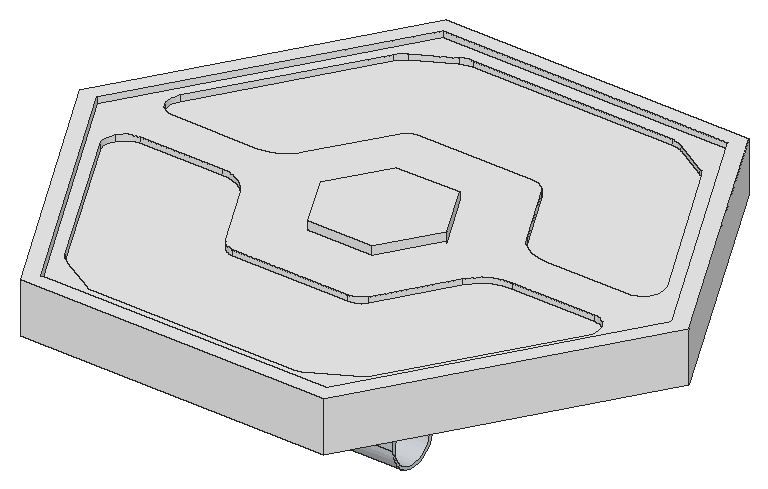
Revit family "Lighting-Industriale-GEWISS-ESALITE-HB-APPARECCHI-LED_24K_DALI", category Apparecchi per illuminazione, host Superficie, Revit 2019
Family settings
  Host = Superficie
  Quota connettore circolare = Usa diametro
  Tipo di parte = Normale
  Taglio con vuoti quando caricato = No
  Sorgente d'illuminazione = No
  Condiviso = No
  Punto di calcolo locali = Sì
Parameters (values of type "GWS6355GD57K - ESALITE 24K ELL.5700K PLAF+V.GR.DALI")
  Versioni = "Luce fredda 5700K"
  Versione file RFA = "20.11"
  VISIBILITA' SIMBOLO [instance] = yes
  VISIBILITA' LAMPADA PIANTA [instance] = not(VISIBILITA' SIMBOLO)  # no
  VISIBILITA' ETICHETTA [instance] = yes
  V = 0 V
  URL = "https://www.gewiss.com/it/it"
  Tipo alimentatore = "Driver Led Dali"
  Tensione = "220/240 V - 50/60 Hz"
  Temperatura di utilizzo = "-30 +50 °C"
  Temperatura di colore: = "5700 K (CRI>80)"
  Spostamento_y_effettivo_ET [instance] = 4000 mm - Spostamento_y_ET  # 2000 mm
  Spostamento_y_ET [instance] = 2000 mm
  Spostamento_X_effettivo_ET [instance] = 4000 mm - Spostamento_X_ET  # 3800 mm
  Spostamento_X_ET [instance] = 200 mm
  Schermo = "Vetro temprato"
  Scheda Tecnica = "https://www.gewiss.com/it/it/search?q=GWS6355GD57K"
  SEO = "High bay"
  Resistenza alle sovratensioni : = "8KV in modalità comune; 6KV in modalità differenziale"
  Resistenza agli urti = "IK08"
  Prospetto di default = 1200 mm
  Produttore = "GEWISS S.p.A."
  Potenza di sitema = "Wxxx"
  Potenza di sistema = "210W"
  Peso (kg): = "11,2"
  Ottica = "Ellittica"
  Numero poli = 1
  Modello = "GWS6355GD57K"
  Lumen output (lm) = "22200"
  Life time L90B10 (Tq 50Â°C) = "44000H"
  Life time L90B10 (Tq 25Â°C) = "100000H"
  Lampada: = "LED - Non sostituibile"
  Immagine tipo = ESALITE_HB.jpg
  IDT = "f0f76afb655d49ff8b6d77a2e4b77edd"
  IDF = "bc1794be-6ec3-4043-9237-ad7f4d5a678e"
  Grado di protezione = "IP66"
  Garanzia = "5 anni"
  Flusso nominale (lm) = "29000"
  Descrizione = "ESALITE 24K ELL.5700K PLAF+V.GR.DALI"
  Creato da GEWISS S.p.A. = ""
  Corrente di pilotaggio. = "0,9A"
  Colore = "Grigio RAL 9006"
  Codice Electrocod = "2444"
  Classe isolamento = "I"
  Classe di efficienza LED integrati = "A ÷ A++"
  Catalogo Serie = "ESALITE HB - 24K"
  Catalogo = "LIGHTING"
  COBie.Tagnumber = ""
  COBie.CreatedOn = ""
  COBie.CreatebBy = ""
  COBie.ComponentRegisterItemID = ""
  COBie.Component.TagNumber = ""
  COBie.Component.Space = ""
  COBie.Component.SerialNumber = ""
  COBie.Component.InstallationDate = ""
  COBie.Component.Description = ""
  COBie.Component.BarCode = ""
  Applicazione = "Interno / Esterno"
Types (25, lengths in mm): name | Versioni | Temperatura di colore: | Schermo | Scheda Tecnica | Resistenza agli urti | Ottica | Modello | Lumen output (lm) | IDT | Grado di protezione | Flusso nominale (lm) | Descrizione | Applicazione
  (no name) | "Luce fredda 5700K" | "5700 K (CRI>80)" | "Vetro temprato" | "https://www.gewiss.com/it/it/search?q=GWS6355GD57K" | "IK08" | "Ellittica" | "GWS6355GD57K" | "22200" | "f0f76afb655d49ff8b6d77a2e4b77edd" | "IP66" | "29000" | "ESALITE 24K ELL.5700K PLAF+V.GR.DALI" | "Interno / Esterno"
  GWS6052GD - ESALITE 24K 30° 4000K PLAF.GR.DALI | "Luce naturale 4000K" | "4000 K (CRI>80)" | "Plastico" | "https://www.gewiss.com/it/it/search?q=GWS6052GD" | "IK06" | "30°" | "GWS6052GD" | "23600" | "7a529c6a4aff455e898e82f17e4db8f0" | "IP65" | "29000" | "ESALITE 24K 30° 4000K PLAF.GR.DALI" | "Interno"
  GWS6052GD30K - ESALITE 24K 30° 3000K PLAF.GR.DALI | "Luce calda 3000K" | "3000 K (CRI>80)" | "Plastico" | "https://www.gewiss.com/it/it/search?q=GWS6052GD30K" | "IK06" | "30°" | "GWS6052GD30K" | "21900" | "d4ebf1f3d9fe48179ddd5535c7b9acd2" | "IP65" | "27000" | "ESALITE 24K 30° 3000K PLAF.GR.DALI" | "Interno"
  GWS6052GD57K - ESALITE 24K 30° 5700K PLAF.GR.DALI | "Luce fredda 5700K" | "5700 K (CRI>80)" | "Plastico" | "https://www.gewiss.com/it/it/search?q=GWS6052GD57K" | "IK06" | "30°" | "GWS6052GD57K" | "23600" | "988cbc6da2f94784838340eaeba77c4c" | "IP65" | "29000" | "ESALITE 24K 30° 5700K PLAF.GR.DALI" | "Interno"
  GWS6053GD - ESALITE 24K 60° 4000K PLAF.GR.DALI | "Luce naturale 4000K" | "4000 K (CRI>80)" | "Plastico" | "https://www.gewiss.com/it/it/search?q=GWS6053GD" | "IK06" | "60°" | "GWS6053GD" | "24100" | "5bd9f83446b24d2cb9b4f137cdb066db" | "IP65" | "29000" | "ESALITE 24K 60° 4000K PLAF.GR.DALI" | "Interno"
  GWS6053GD30K - ESALITE 24K 60° 3000K PLAF.GR.DALI | "Luce calda 3000K" | "3000 K (CRI>80)" | "Plastico" | "https://www.gewiss.com/it/it/search?q=GWS6053GD30K" | "IK06" | "60°" | "GWS6053GD30K" | "22400" | "dea463b2350f4775a34d1bbf71191fdc" | "IP65" | "27000" | "ESALITE 24K 60° 3000K PLAF.GR.DALI" | "Interno"
  GWS6053GD57K - ESALITE 24K 60° 5700K PLAF.GR.DALI | "Luce fredda 5700K" | "5700 K (CRI>80)" | "Plastico" | "https://www.gewiss.com/it/it/search?q=GWS6053GD57K" | "IK06" | "60°" | "GWS6053GD57K" | "24100" | "ccda541c118a402dafb75b9b97384d49" | "IP65" | "29000" | "ESALITE 24K 60° 5700K PLAF.GR.DALI" | "Interno"
  GWS6054GD - ESALITE 24K 90° 4000K PLAF.GR.DALI | "Luce naturale 4000K" | "4000 K (CRI>80)" | "Plastico" | "https://www.gewiss.com/it/it/search?q=GWS6054GD" | "IK06" | "90°" | "GWS6054GD" | "25600" | "b5011d9e54c7465a944745bc54fa6949" | "IP65" | "29000" | "ESALITE 24K 90° 4000K PLAF.GR.DALI" | "Interno"
  GWS6054GD30K - ESALITE 24K 90° 3000K PLAF.GR.DALI | "Luce calda 3000K" | "3000 K (CRI>80)" | "Plastico" | "https://www.gewiss.com/it/it/search?q=GWS6054GD30K" | "IK06" | "90°" | "GWS6054GD30K" | "23800" | "8993c58c61bf4daeb0c1e66ccf0ec204" | "IP65" | "27000" | "ESALITE 24K 90° 3000K PLAF.GR.DALI" | "Interno"
  GWS6054GD57K - ESALITE 24K 90° 5700K PLAF.GR.DALI | "Luce fredda 5700K" | "5700 K (CRI>80)" | "Plastico" | "https://www.gewiss.com/it/it/search?q=GWS6054GD57K" | "IK06" | "90°" | "GWS6054GD57K" | "25600" | "aac461747f3849b89be83953807347f4" | "IP65" | "29000" | "ESALITE 24K 90° 5700K PLAF.GR.DALI" | "Interno"
  GWS6055GD - ESALITE 24K ELL.4000K PLAF.GR.DALI | "Luce naturale 4000K" | "4000 K (CRI>80)" | "Plastico" | "https://www.gewiss.com/it/it/search?q=GWS6055GD" | "IK06" | "Ellittica" | "GWS6055GD" | "24100" | "c2cbb117dbe54767a2e3a3479ddb1d8b" | "IP65" | "29000" | "ESALITE 24K ELL.4000K PLAF.GR.DALI" | "Interno"
  GWS6055GD30K - ESALITE 24K ELL.3000K PLAF.GR.DALI | "Luce calda 3000K" | "3000 K (CRI>80)" | "Plastico" | "https://www.gewiss.com/it/it/search?q=GWS6055GD30K" | "IK06" | "Ellittica" | "GWS6055GD30K" | "22400" | "0d6c2d08d2314372a773691ec730c18d" | "IP65" | "27000" | "ESALITE 24K ELL.3000K PLAF.GR.DALI" | "Interno"
  GWS6055GD57K - ESALITE 24K ELL.5700K PLAF.GR.DALI | "Luce fredda 5700K" | "5700 K (CRI>80)" | "Plastico" | "https://www.gewiss.com/it/it/search?q=GWS6055GD57K" | "IK06" | "Ellittica" | "GWS6055GD57K" | "24100" | "1d3e300ed72b49d2b0c9c3fe6a3a3183" | "IP65" | "29000" | "ESALITE 24K ELL.5700K PLAF.GR.DALI" | "Interno"
  GWS6352GD - ESALITE 24K 30° 4000K PLAF+V.GR.DALI | "Luce naturale 4000K" | "4000 K (CRI>80)" | "Vetro temprato" | "https://www.gewiss.com/it/it/search?q=GWS6352GD" | "IK08" | "30°" | "GWS6352GD" | "21700" | "dc98eba4d6034e879b26eaf069b8883e" | "IP66" | "29000" | "ESALITE 24K 30° 4000K PLAF+V.GR.DALI" | "Interno / Esterno"
  GWS6352GD30K - ESALITE 24K 30° 3000K PLAF+V.GR.DALI | "Luce calda 3000K" | "3000 K (CRI>80)" | "Vetro temprato" | "https://www.gewiss.com/it/it/search?q=GWS6352GD30K" | "IK08" | "30°" | "GWS6352GD30K" | "20200" | "6c4655eb98dd4145bfde5ca2a8d1e3f8" | "IP66" | "27000" | "ESALITE 24K 30° 3000K PLAF+V.GR.DALI" | "Interno / Esterno"
  GWS6352GD57K - ESALITE 24K 30° 5700K PLAF+V.GR.DALI | "Luce fredda 5700K" | "5700 K (CRI>80)" | "Vetro temprato" | "https://www.gewiss.com/it/it/search?q=GWS6352GD57K" | "IK08" | "30°" | "GWS6352GD57K" | "21700" | "a6b2e109af554cf3afd91e6397fe3076" | "IP66" | "29000" | "ESALITE 24K 30° 5700K PLAF+V.GR.DALI" | "Interno / Esterno"
  GWS6353GD - ESALITE 24K 60° 4000K PLAF+V.GR.DALI | "Luce naturale 4000K" | "4000 K (CRI>80)" | "Vetro temprato" | "https://www.gewiss.com/it/it/search?q=GWS6353GD" | "IK08" | "60°" | "GWS6353GD" | "22200" | "5ced56ef3ad443188505a0500c17be60" | "IP66" | "29000" | "ESALITE 24K 60° 4000K PLAF+V.GR.DALI" | "Interno / Esterno"
  GWS6353GD30K - ESALITE 24K 60° 3000K PLAF+V.GR.DALI | "Luce calda 3000K" | "3000 K (CRI>80)" | "Vetro temprato" | "https://www.gewiss.com/it/it/search?q=GWS6353GD30K" | "IK08" | "60°" | "GWS6353GD30K" | "20600" | "ac530e89efbb4424a6a6cfde89b676b9" | "IP66" | "27000" | "ESALITE 24K 60° 3000K PLAF+V.GR.DALI" | "Interno / Esterno"
  GWS6353GD57K - ESALITE 24K 60° 5700K PLAF+V.GR.DALI | "Luce fredda 5700K" | "5700 K (CRI>80)" | "Vetro temprato" | "https://www.gewiss.com/it/it/search?q=GWS6353GD57K" | "IK08" | "60°" | "GWS6353GD57K" | "22200" | "8d1e01f05566424f83bf0f6a4fa693fa" | "IP66" | "29000" | "ESALITE 24K 60° 5700K PLAF+V.GR.DALI" | "Interno / Esterno"
  GWS6354GD - ESALITE 24K 90° 4000K PLAF+V.GR.DALI | "Luce naturale 4000K" | "4000 K (CRI>80)" | "Vetro temprato" | "https://www.gewiss.com/it/it/search?q=GWS6354GD" | "IK08" | "90°" | "GWS6354GD" | "23600" | "ccf18fba6ae74926ac10c1070d8e3b60" | "IP66" | "29000" | "ESALITE 24K 90° 4000K PLAF+V.GR.DALI" | "Interno / Esterno"
  GWS6354GD30K - ESALITE 24K 90° 3000K PLAF+V.GR.DALI | "Luce calda 3000K" | "3000 K (CRI>80)" | "Vetro temprato" | "https://www.gewiss.com/it/it/search?q=GWS6354GD30K" | "IK08" | "90°" | "GWS6354GD30K" | "21900" | "d5189869ec1742c3a465af752ac5306a" | "IP66" | "27000" | "ESALITE 24K 90° 3000K PLAF+V.GR.DALI" | "Interno / Esterno"
  GWS6354GD57K - ESALITE 24K 90° 5700K PLAF+V.GR.DALI | "Luce fredda 5700K" | "5700 K (CRI>80)" | "Vetro temprato" | "https://www.gewiss.com/it/it/search?q=GWS6354GD57K" | "IK08" | "90°" | "GWS6354GD57K" | "23600" | "de51f4aed0be4ed38c81c5697c8fd02a" | "IP66" | "29000" | "ESALITE 24K 90° 5700K PLAF+V.GR.DALI" | "Interno / Esterno"
  GWS6355GD - ESALITE 24K ELL.4000K PLAF+V.GR.DALI | "Luce naturale 4000K" | "4000 K (CRI>80)" | "Vetro temprato" | "https://www.gewiss.com/it/it/search?q=GWS6355GD" | "IK08" | "Ellittica" | "GWS6355GD" | "22200" | "15f081436d7041e3beec56ff2ff105a1" | "IP66" | "29000" | "ESALITE 24K ELL.4000K PLAF+V.GR.DALI" | "Interno / Esterno"
  GWS6355GD30K - ESALITE 24K ELL.3000K PLAF+V.GR.DALI | "Luce calda 3000K" | "3000 K (CRI>80)" | "Vetro temprato" | "https://www.gewiss.com/it/it/search?q=GWS6355GD30K" | "IK08" | "Ellittica" | "GWS6355GD30K" | "20600" | "f0e388d9d5df4f198b10569113670eb8" | "IP66" | "27000" | "ESALITE 24K ELL.3000K PLAF+V.GR.DALI" | "Interno / Esterno"
  GWS6355GD57K - ESALITE 24K ELL.5700K PLAF+V.GR.DALI | "Luce fredda 5700K" | "5700 K (CRI>80)" | "Vetro temprato" | "https://www.gewiss.com/it/it/search?q=GWS6355GD57K" | "IK08" | "Ellittica" | "GWS6355GD57K" | "22200" | "f0f76afb655d49ff8b6d77a2e4b77edd" | "IP66" | "29000" | "ESALITE 24K ELL.5700K PLAF+V.GR.DALI" | "Interno / Esterno"
Reference planes
  plane 1 "Centro (Fronte/Retro)": y = 0
  plane 2: z = 0
  plane 3 "Centro (Sinistra/Destra)": x = 0
  plane 4: z = 185
  plane 5: x = -50.612
  plane 6: x = -3850.612
  plane 7: y = -2119.2
  plane 8: y = -119.2
  plane 9: through (-1779.2, -702.001, 1219.2) normal (0.4695, 0.8829, 0)
  plane 10: through (203.705, -1575.119, 1219.2) normal (-0.866, 0.5, 0)
  plane 11: x = -217.137
  plane 12: x = 217.137
  plane 13: y = 188.046
  plane 14: y = -188.046
Text (mm)
  text "B-A=C" at (-2005.323, -1167.131, 0), in view "Livello rif."
  text "D+A-C=B" at (1746.792, 582.509, 0), in view "Livello rif."
Dimensions and locks
  "Spostamento_X_effettivo_ET": plane 6 to plane 5
  plane 6 to plane 3 "Centro (Sinistra/Destra)" = 3850.612 mm
  "Spostamento_y_effettivo_ET": plane 8 to plane 7
  plane 1 "Centro (Fronte/Retro)" to plane 7 = 2119.2 mm
  plane 11 to plane 12 = 434.273 mm
  plane 13 to plane 14 = 376.092 mm
  angle plane 9 to plane 7 = 28.00°
  angle plane 7 to plane 6 = 90.00°
  aligned and locked: plane 2 to host face
  aligned and locked: level to host face
  aligned and locked: plane 5 to nested 1
  aligned and locked: nested 1 to plane 8
  aligned and locked: plane 3 "Centro (Sinistra/Destra)" to nested 3
  aligned and locked: plane 1 "Centro (Fronte/Retro)" to nested 3
Automatic sketch dimensions
  host sketch curve to host sketch curve = 2438.4 mm  (x2)
Nested families
  nested 1: "etichetta Potenza Lampada" at (-50.612, -119.2, 0), visible <- "VISIBILITA' ETICHETTA", type "etichetta Potenza Lampada"
  nested 2: "ESALITE HB 24K SOSPENSIONE_base" at (0, 0, 0), type "Tipo 1"
  nested 3: "Simbolo HB" at (0, 0, 0), visible <- "VISIBILITA' SIMBOLO", type "esalight hb simb"
  nested 4: "Frontale HB 24" at (0.038, -241.364, 0) x (1, 0.0002, 0) z (0, 0, 1), visible <- "VISIBILITA' LAMPADA PIANTA", type "Frontale HB 24"
  nested 5: "Laterale corta - HB 24" at (0, 0, 0) x (1, 0, 0) z (0, -1, 0), visible <- "VISIBILITA' LAMPADA PIANTA", type "Laterale corta - HB 24"
  nested 6: "Laterale lungo - HB 24" at (0, 0, 0) x (0, 1, 0) z (1, 0, 0), visible <- "VISIBILITA' LAMPADA PIANTA", type "Laterale lungo - HB 24"
Definition of nested family "ESALITE HB 24K SOSPENSIONE_base"
  Parameters (values of type "Tipo 1")
    V = 0 V
    Schermatura interna = none
    Numero poli = 1
    LED = none
    Corpo luce = none
  Reference planes
    plane 1 "Centro (Fronte/Retro)": y = 0
    plane 2: z = 0
    plane 3 "Centro (Sinistra/Destra)": x = 0
    plane 4: x = -145.163
    plane 5: x = 145.28
    plane 6: y = 126.226
    plane 7: y = -125.856
    plane 8: y = 55.469
    plane 9: y = -55.099
    plane 10: x = -63.671
    plane 11: x = 63.788
    plane 12: y = -123.856
    plane 13: y = 124.226
    plane 14: y = -112.535
    plane 15: y = 112.905
    plane 16: y = -22
    plane 17: y = 22
    plane 18: y = -108.017
    plane 19: y = 108.387
    plane 20: through (-28.293, 49.29, 1200) normal (0.866, -0.5, 0)
    plane 21: y = 49.29
    plane 22: through (28.409, 49.29, 1200) normal (0.866, 0.5, 0)
    plane 23: through (28.409, -48.92, 1200) normal (-0.866, 0.5, 0)
    plane 24: y = -48.92
    plane 25: through (-56.644, 0.185, 1200) normal (0.866, 0.5, 0)
    plane 26: through (-31.86, 55.469, 1200) normal (0.866, -0.5, 0)
    plane 27: through (-63.778, 0.185, 1200) normal (0.866, 0.5, 0)
    plane 28: y = -55.099
    plane 29: through (63.894, 0.185, 1200) normal (0.866, -0.5, 0)
    plane 30: through (63.894, 0.185, 1200) normal (-0.866, -0.5, 0)
    plane 31: y = 55.469
    plane 32: z = 123.439
    plane 33: through (-65.51, 1.185, 1200) normal (-0.866, 0.5, 0)
    plane 34: through (-33.592, -56.099, 1200) normal (-0.866, -0.5, 0)
    plane 35: through (-65.51, 1.185, 1200) normal (-0.866, 0.5, 0)
    plane 36: y = 57.469
    plane 37: through (33.708, 56.469, 1200) normal (0.866, 0.5, 0)
    plane 38: through (65.626, -0.815, 1200) normal (0.866, -0.5, 0)
    plane 39: y = -57.099
    plane 40: y = -1
    plane 41: y = 1
    plane 42: x = -1
    plane 43: x = 0
    plane 44: y = 105.387
    plane 45: y = -105.017
    plane 46: z = 130
    plane 47: y = -103.017
    plane 48: y = 103.387
    plane 49: x = 1
    plane 50: through (-108.857, 187.546, 1200) normal (0.866, -0.5, 0)
    plane 51: y = 188.046
    plane 52: y = 174.478
    plane 53: through (-101.456, 173.228, 1200) normal (0.866, -0.5, 0)
    plane 54: through (-216.848, -0.5, 1200) normal (0.866, 0.5, 0)
    plane 55: through (-200.748, -1.25, 1200) normal (0.866, 0.5, 0)
    plane 56: y = -188.046
    plane 57: y = -174.478
    plane 58: y = 188.046
    plane 59: y = 174.478
    plane 60: through (200.748, 1.25, 1200) normal (-0.866, -0.5, 0)
    plane 61: through (216.848, 0.5, 1200) normal (-0.866, -0.5, 0)
    plane 62: through (108.857, -187.546, 1200) normal (-0.866, 0.5, 0)
    plane 63: through (101.456, -173.228, 1200) normal (-0.866, 0.5, 0)
    plane 64: z = 89
    plane 65: z = 134
    plane 66: z = 108.133
    plane 67: z = 123.439
    plane 68: z = 117.439
    plane 69: z = 128.439
    plane 70: z = 27.205
    plane 71: z = 152.205
    plane 72: z = 197.205
    plane 73: z = 199.205
    plane 74: z = 192.205
    plane 75: z = 182.205
    plane 76: z = 187.205
    plane 77: z = 184.113
    plane 78: x = -263
    plane 79: x = 263
    plane 80: x = -107.366
    plane 81: x = 108.568
  Forms (mm)
    Extrusion 1, solid, material <- "Corpo luce"
      sketch origin (0, 0, 0) x (1, 0, 0) y (0, 1, 0)
        loop
          line (-28.293, 49.29) -> (-56.644, 0.185) -> (-28.293, -48.92) -> (28.409, -48.92) -> (56.76, 0.185) -> (28.409, 49.29) -> (-28.293, 49.29)
      from 199.205 to 55
    Extrusion 2, solid
      sketch origin (0, 0, 0) x (0, 1, 0) y (0, 0, 1)
        loop
          arc (-22, 21.411) -> (0, -0.589) -> (22, 21.411) r 22
          line (22, 21.411) -> (22, 55) -> (-22, 55) -> (-22, 21.411)
        loop
          circle (0, 21.411) r 20
      from -26.009 to 26.009
    Extrusion 3, solid, material <- "Corpo luce"
      sketch origin (0, 0, 0) x (1, 0, 0) y (0, 1, 0)
        loop
          line (136.312, -237.421) -> (273.387, 0) -> (135.951, 238.046) -> (-134.701, 238.046) -> (-272.137, 0) -> (-135.062, -237.421) -> (136.312, -237.421)
        loop
          line (128.478, -223.853) -> (257.72, 0) -> (128.117, 224.478) -> (-126.867, 224.478) -> (-256.47, 0) -> (-127.228, -223.853) -> (128.478, -223.853)
      from 152.205 to 197.205
    Extrusion 4, solid, material <- "Corpo luce"
      sketch origin (0, 0, 0) x (1, 0, 0) y (0, 1, 0)
        loop
          line (-260.455, 0) -> (-130.169, -225.662) -> (130.286, -225.662) -> (260.572, 0) -> (130.286, 225.662) -> (-130.169, 225.662) -> (-260.455, 0)
        loop
          line (-28.293, 49.29) -> (-56.644, 0.185) -> (-28.293, -48.92) -> (28.409, -48.92) -> (56.76, 0.185) -> (28.409, 49.29) -> (-28.293, 49.29)
      from 182.205 to 192.205
    Extrusion 5, void
      sketch origin (0, 0, 0) x (1, 0, 0) y (0, 1, 0)
        loop
          arc (-218.132, 27.925) -> (-211.783, 21.224) -> (-202.889, 18.755) r 17.255
          line (-202.889, 18.755) -> (-129.361, 18.755)
          arc (-129.361, 18.755) -> (-111.731, 23.479) -> (-98.826, 36.385) r 35.259
          line (-98.826, 36.385) -> (-64.175, 96.401)
          arc (-64.175, 96.401) -> (-58.775, 101.801) -> (-51.398, 103.778) r 14.754
          line (-51.398, 103.778) -> (51.398, 103.778)
          arc (51.398, 103.778) -> (58.775, 101.801) -> (64.175, 96.401) r 14.754
          line (64.175, 96.401) -> (98.854, 36.336)
          arc (98.854, 36.336) -> (111.756, 23.465) -> (129.361, 18.755) r 35.259
          line (129.361, 18.755) -> (202.889, 18.755)
          arc (202.889, 18.755) -> (211.784, 21.225) -> (218.133, 27.927) r 17.255
          arc (218.133, 27.927) -> (220.334, 36.472) -> (218.023, 44.987) r 17.255
          line (218.023, 44.987) -> (138.389, 182.917)
          arc (138.389, 182.917) -> (135.165, 187.129) -> (130.959, 190.359) r 20.255
          line (130.959, 190.359) -> (99.376, 208.593)
          arc (99.376, 208.593) -> (94.491, 210.617) -> (89.248, 211.307) r 20.255
          line (89.248, 211.307) -> (-89.248, 211.307)
          arc (-89.248, 211.307) -> (-94.491, 210.617) -> (-99.376, 208.593) r 20.255
          line (-99.376, 208.593) -> (-130.959, 190.359)
          arc (-130.959, 190.359) -> (-135.143, 187.15) -> (-138.358, 182.971) r 20.255
          line (-138.358, 182.971) -> (-218.023, 44.987)
          arc (-218.023, 44.987) -> (-220.334, 36.471) -> (-218.132, 27.925) r 17.255
        loop
          arc (-218.132, -27.925) -> (-220.334, -36.471) -> (-218.023, -44.987) r 17.255
          line (-218.023, -44.987) -> (-138.358, -182.971)
          arc (-138.358, -182.971) -> (-135.143, -187.15) -> (-130.959, -190.359) r 20.255
          line (-130.959, -190.359) -> (-99.376, -208.593)
          arc (-99.376, -208.593) -> (-94.491, -210.617) -> (-89.248, -211.307) r 20.255
          line (-89.248, -211.307) -> (89.248, -211.307)
          arc (89.248, -211.307) -> (94.491, -210.617) -> (99.376, -208.593) r 20.255
          line (99.376, -208.593) -> (130.959, -190.359)
          arc (130.959, -190.359) -> (135.165, -187.129) -> (138.389, -182.917) r 20.255
          line (138.389, -182.917) -> (218.023, -44.987)
          arc (218.023, -44.987) -> (220.334, -36.472) -> (218.133, -27.927) r 17.255
          arc (218.133, -27.927) -> (211.784, -21.225) -> (202.889, -18.755) r 17.255
          line (202.889, -18.755) -> (129.361, -18.755)
          arc (129.361, -18.755) -> (111.756, -23.465) -> (98.854, -36.336) r 35.259
          line (98.854, -36.336) -> (64.175, -96.401)
          arc (64.175, -96.401) -> (58.775, -101.801) -> (51.398, -103.778) r 14.754
          line (51.398, -103.778) -> (-51.398, -103.778)
          arc (-51.398, -103.778) -> (-58.775, -101.801) -> (-64.175, -96.401) r 14.754
          line (-64.175, -96.401) -> (-98.826, -36.385)
          arc (-98.826, -36.385) -> (-111.731, -23.479) -> (-129.361, -18.755) r 35.259
          line (-129.361, -18.755) -> (-202.889, -18.755)
          arc (-202.889, -18.755) -> (-211.783, -21.224) -> (-218.132, -27.925) r 17.255
      from 187.205 to 192.205
  Cuts and joins
    Extrusion 5 cuts Extrusion 4
  Lines and regions (mm)
    symbolic lines
      curve 1: line (0, 188.046, 0) -> (0, 193.046, 0)
      curve 2: line (0, -66.018, 0) -> (0, 66.018, 0)
      curve 3: line (-81.378, 0, 0) -> (81.378, 0, 0)
  Dimensions and locks
    locked: plane 6 to plane 13 at 2
    locked: plane 7 to plane 12 at 2
    locked: plane 15 to plane 13 at 11.321
    locked: plane 12 to plane 14 at 11.321
    equal spacing: Extrusion 2, plane 3 "Centro (Sinistra/Destra)", Extrusion 2
    plane 4 to plane 5 = 290.443 mm
    plane 7 to plane 6 = 252.082 mm
    Extrusion 1 to plane 70 = 172 mm
    plane 72 to plane 71 = 45 mm
    locked: plane 72 to plane 74 at 5
    locked: plane 74 to plane 75 at 10
    locked: plane 74 to plane 76 at 5
    locked: plane 76 to plane 77 at 3.092
    aligned and locked: level to plane 2
    aligned and locked: Extrusion 2 sketch curve to plane 16
    aligned and locked: Extrusion 2 sketch curve to plane 17
    aligned and locked: plane 1 "Centro (Fronte/Retro)" to Extrusion 2 sketch curve
    aligned and locked: Extrusion 1 sketch curve to plane 20
    aligned and locked: Extrusion 1 sketch curve to plane 25
    aligned and locked: Extrusion 1 sketch curve to plane 24
    aligned and locked: Extrusion 1 sketch curve to plane 23
    aligned and locked: Extrusion 1 sketch curve to plane 22
    aligned and locked: Extrusion 1 sketch curve to plane 21
    aligned and locked: Extrusion 1 to plane 73
    aligned and locked: Extrusion 3 to plane 72
    aligned and locked: Extrusion 3 to plane 71
    aligned and locked: Extrusion 4 to plane 74
    aligned and locked: Extrusion 4 to plane 75
    aligned and locked: Extrusion 4 to Extrusion 5
    aligned and locked: Extrusion 5 to plane 76
  Automatic sketch dimensions
    plane 1 "Centro (Fronte/Retro)" to curve 3 = 0 mm
    curve 1 to plane 3 "Centro (Sinistra/Destra)" = 0 mm
    curve 1 to plane 51 = 0 mm
    plane 10 to curve 3 = 17.707 mm
    plane 3 "Centro (Sinistra/Destra)" to curve 2 = 0 mm
    curve 3 to plane 11 = 17.59 mm
    plane 39 to curve 2 = 8.919 mm
    plane 36 to curve 2 = 8.549 mm
    curve 1 to curve 1 = 5 mm
    Extrusion 2 sketch curve to Extrusion 2 sketch curve = 0 mm
    plane 70 to Extrusion 2 sketch curve = 5.795 mm
    Extrusion 2 sketch curve to plane 70 = 27.795 mm
    Extrusion 3 sketch curve to plane 1 "Centro (Fronte/Retro)" = 0 mm  (x4)
    Extrusion 3 sketch curve to plane 78 = 9.137 mm
    plane 78 to Extrusion 3 sketch curve = 6.53 mm
    Extrusion 3 sketch curve to plane 4 = 10.102 mm
    Extrusion 3 sketch curve to plane 4 = 10.463 mm
    Extrusion 3 sketch curve to Extrusion 3 sketch curve = 7.833 mm  (x2)
    plane 5 to Extrusion 3 sketch curve = 17.162 mm
    plane 5 to Extrusion 3 sketch curve = 16.802 mm
    plane 5 to Extrusion 3 sketch curve = 9.329 mm
    plane 5 to Extrusion 3 sketch curve = 8.968 mm
    Extrusion 3 sketch curve to plane 79 = 5.28 mm
    plane 79 to Extrusion 3 sketch curve = 10.387 mm
    Extrusion 3 sketch curve to plane 56 = 35.807 mm
    Extrusion 3 sketch curve to Extrusion 3 sketch curve = 13.568 mm  (x2)
    plane 51 to Extrusion 3 sketch curve = 36.432 mm
    Extrusion 4 sketch curve to plane 20 = 0 mm
    Extrusion 4 sketch curve to plane 25 = 0 mm  (x2)
    plane 20 to Extrusion 4 sketch curve = 0 mm
    Extrusion 4 sketch curve to plane 21 = 0 mm
    Extrusion 4 sketch curve to plane 24 = 0 mm
    Extrusion 4 sketch curve to plane 22 = 0 mm  (x2)
    Extrusion 4 sketch curve to plane 23 = 0 mm  (x2)
    Extrusion 4 sketch curve to plane 4 = 14.995 mm  (x2)
    plane 1 "Centro (Fronte/Retro)" to Extrusion 4 sketch curve = 0 mm  (x2)
    plane 78 to Extrusion 4 sketch curve = 2.545 mm
    plane 5 to Extrusion 4 sketch curve = 14.994 mm  (x2)
    Extrusion 4 sketch curve to plane 79 = 2.428 mm
    Extrusion 4 sketch curve to plane 56 = 37.617 mm
    plane 51 to Extrusion 4 sketch curve = 37.616 mm
    plane 24 to Extrusion 5 sketch curve = 3.933 mm  (x2)
    plane 78 to Extrusion 5 sketch curve = 44.977 mm  (x2)
    Extrusion 5 sketch curve to plane 21 = 4.303 mm  (x2)
    Extrusion 5 sketch curve to Extrusion 5 sketch curve = 14.943 mm  (x4)
    Extrusion 5 sketch curve to Extrusion 5 sketch curve = 0.191 mm  (x4)
    Extrusion 5 sketch curve to plane 4 = 6.806 mm  (x2)
    plane 51 to Extrusion 5 sketch curve = 2.313 mm  (x2)
    Extrusion 5 sketch curve to Extrusion 5 sketch curve = 7.399 mm  (x2)
    Extrusion 5 sketch curve to plane 56 = 2.313 mm  (x2)
    Extrusion 5 sketch curve to plane 16 = 3.245 mm  (x2)
    Extrusion 5 sketch curve to plane 4 = 15.802 mm  (x2)
    Extrusion 5 sketch curve to plane 8 = 1.454 mm  (x2)
    plane 52 to Extrusion 5 sketch curve = 1.661 mm  (x2)
    plane 80 to Extrusion 5 sketch curve = 13.465 mm  (x2)
    plane 57 to Extrusion 5 sketch curve = 1.661 mm  (x2)
    Extrusion 5 sketch curve to plane 80 = 7.99 mm  (x2)
    Extrusion 5 sketch curve to Extrusion 5 sketch curve = 10.128 mm
    plane 51 to Extrusion 5 sketch curve = 3.005 mm  (x2)
    Extrusion 5 sketch curve to plane 80 = 18.118 mm  (x2)
    Extrusion 5 sketch curve to plane 56 = 3.006 mm
    Extrusion 5 sketch curve to plane 10 = 12.273 mm  (x2)
    Extrusion 5 sketch curve to plane 47 = 0.76 mm
    plane 11 to Extrusion 5 sketch curve = 12.39 mm  (x2)
    plane 81 to Extrusion 5 sketch curve = 19.32 mm  (x2)
    plane 81 to Extrusion 5 sketch curve = 9.715 mm  (x2)
    plane 81 to Extrusion 5 sketch curve = 9.192 mm  (x2)
    Extrusion 5 sketch curve to plane 81 = 12.263 mm  (x2)
    plane 9 to Extrusion 5 sketch curve = 1.084 mm  (x2)
    plane 5 to Extrusion 5 sketch curve = 15.919 mm  (x2)
    plane 5 to Extrusion 5 sketch curve = 14.321 mm  (x2)
    Extrusion 5 sketch curve to plane 51 = 5.129 mm
    plane 56 to Extrusion 5 sketch curve = 5.128 mm
    Extrusion 5 sketch curve to plane 5 = 57.609 mm
    plane 17 to Extrusion 5 sketch curve = 3.245 mm  (x2)
    Extrusion 5 sketch curve to Extrusion 5 sketch curve = 0 mm  (x13)
    Extrusion 5 sketch curve to plane 56 = 20.547 mm
    Extrusion 5 sketch curve to Extrusion 5 sketch curve = 17.542 mm  (x2)
    plane 47 to Extrusion 5 sketch curve = 13.994 mm  (x2)
    Extrusion 5 sketch curve to Extrusion 5 sketch curve = 8.627 mm  (x2)
    Extrusion 5 sketch curve to Extrusion 5 sketch curve = 0.35 mm  (x4)
    Extrusion 5 sketch curve to plane 21 = 13.281 mm  (x2)
    plane 48 to Extrusion 5 sketch curve = 14.364 mm  (x2)
    Extrusion 5 sketch curve to plane 48 = 0.39 mm
    Extrusion 5 sketch curve to plane 80 = 8.54 mm  (x2)
    plane 10 to Extrusion 5 sketch curve = 0.504 mm  (x2)
    Extrusion 5 sketch curve to plane 11 = 0.388 mm  (x2)
    radius of Extrusion 2 sketch curve = 20 mm
  Connectors
    electrical at (0.058, 0.185, 55), driven by "Numero poli", driven by "V"
      settings: on Extrusion 1, index 1, voltage 0 V, apparent load 0 VA, apparent load phase1 0 VA, apparent load phase2 0 VA, apparent load phase3 0 VA, power factor 1, load classification none, number of poles 1, system type 31, power factor state 1, is connector primary yes, connector utility no, sub classification motor no, connector description ""
Definition of nested family "etichetta Potenza Lampada"
  Parameters (values of type "etichetta Potenza Lampada")
    potenza lampada = "Wxxx"
  Reference planes
    plane 1: y = 0
    plane 2: x = 0
  Text (mm)
    label "QE" at (0.073, -0.194, 0), shows "potenza lampada"
Definition of nested family "Simbolo HB"
  Reference planes
    plane 1 "Centro (Fronte/Retro)": y = 0
    plane 2: z = 0
    plane 3 "Centro (Sinistra/Destra)": x = 0
  Lines and regions (mm)
    detail lines, in view "Livello rif."
      curve 1: line (0, 152.5, 0) -> (0, -147.5, 0)
      curve 2: line (56.499, 89.193, 0) -> (172.002, 155.878, 0)
      curve 3: line (212.384, 179.193, 0) -> (165.755, 166.699, 0)
      curve 4: line (212.384, 179.193, 0) -> (178.249, 145.058, 0)
      curve 5: line (165.755, 166.699, 0) -> (178.249, 145.058, 0)
      curve 6: line (56.499, -104.193, 0) -> (172.002, -170.878, 0)
      curve 7: line (212.384, -194.193, 0) -> (165.755, -181.699, 0)
      curve 8: line (212.384, -194.193, 0) -> (178.249, -160.058, 0)
      curve 9: line (165.755, -181.699, 0) -> (178.249, -160.058, 0)
      curve 10: arc (0, 152.5, 0) -> (-150, 2.5, 0) -> (0, -147.5, 0) r 150
Definition of nested family "Frontale HB 24"
  Reference planes
    plane 1 "Centro (Fronte/Retro)": y = 0
    plane 2: z = 0
    plane 3 "Centro (Sinistra/Destra)": x = 0
  Lines and regions (mm)
    detail lines, in view "Livello rif."
      curve 1: arc (263.254, 247.441, 0) -> (266.501, 249.563, 0) -> (266.429, 253.441, 0) r 4.007
      curve 2: arc (-133.641, 479.464, 0) -> (-136.147, 478.791, 0) -> (-137.978, 476.953, 0) r 5
      curve 3: arc (138.225, 476.909, 0) -> (136.394, 478.747, 0) -> (133.889, 479.421, 0) r 5
      curve 4: arc (-89.532, 450.987, 0) -> (-94.122, 450.384, 0) -> (-98.399, 448.615, 0) r 17.75
      curve 5: arc (-129.977, 430.391, 0) -> (-133.655, 427.572, 0) -> (-136.478, 423.898, 0) r 17.75
      curve 6: arc (-216.133, 285.983, 0) -> (-218.11, 278.788, 0) -> (-216.312, 271.546, 0) r 14.75
      curve 7: arc (-216.121, 271.196, 0) -> (-210.702, 265.573, 0) -> (-203.172, 263.505, 0) r 14.75
      curve 8: arc (-129.665, 263.493, 0) -> (-113.289, 267.879, 0) -> (-101.3, 279.864, 0) r 32.75
      curve 9: arc (-51.709, 348.481, 0) -> (-60.334, 346.171, 0) -> (-66.649, 339.858, 0) r 17.25
      curve 10: arc (65.997, 339.837, 0) -> (59.684, 346.152, 0) -> (51.06, 348.464, 0) r 17.25
      curve 11: arc (100.648, 279.798, 0) -> (112.631, 267.833, 0) -> (128.988, 263.452, 0) r 32.75
      curve 12: arc (202.496, 263.44, 0) -> (210.04, 265.514, 0) -> (215.463, 271.155, 0) r 14.75
      curve 13: arc (215.638, 271.477, 0) -> (217.438, 278.718, 0) -> (215.464, 285.913, 0) r 14.75
      curve 14: arc (135.854, 423.855, 0) -> (133.031, 427.53, 0) -> (129.354, 430.349, 0) r 17.75
      curve 15: arc (97.783, 448.584, 0) -> (93.506, 450.354, 0) -> (88.916, 450.958, 0) r 17.75
      curve 16: arc (266.425, 230.321, 0) -> (266.498, 234.199, 0) -> (263.252, 236.322, 0) r 4.007
      curve 17: arc (-138.054, 6.939, 0) -> (-136.223, 5.101, 0) -> (-133.717, 4.427, 0) r 5
      curve 18: arc (133.812, 4.384, 0) -> (136.318, 5.057, 0) -> (138.149, 6.895, 0) r 5
      curve 19: arc (-98.466, 35.264, 0) -> (-94.189, 33.494, 0) -> (-89.6, 32.889, 0) r 17.75
      curve 20: arc (-136.537, 59.993, 0) -> (-133.715, 56.318, 0) -> (-130.037, 53.499, 0) r 17.75
      curve 21: arc (-216.321, 212.371, 0) -> (-218.121, 205.13, 0) -> (-216.148, 197.935, 0) r 14.75
      curve 22: arc (-203.179, 220.408, 0) -> (-210.71, 218.342, 0) -> (-216.13, 212.721, 0) r 14.75
      curve 23: arc (-101.312, 204.016, 0) -> (-113.297, 216.006, 0) -> (-129.672, 220.396, 0) r 32.75
      curve 24: arc (-66.68, 144.011, 0) -> (-60.368, 137.696, 0) -> (-51.743, 135.383, 0) r 17.25
      curve 25: arc (51.025, 135.367, 0) -> (59.651, 137.677, 0) -> (65.966, 143.989, 0) r 17.25
      curve 26: arc (128.981, 220.354, 0) -> (112.622, 215.979, 0) -> (100.636, 204.017, 0) r 32.75
      curve 27: arc (215.453, 212.623, 0) -> (210.033, 218.266, 0) -> (202.489, 220.342, 0) r 14.75
      curve 28: arc (215.45, 197.865, 0) -> (217.426, 205.06, 0) -> (215.629, 212.302, 0) r 14.75
      curve 29: arc (129.294, 53.457, 0) -> (132.972, 56.275, 0) -> (135.795, 59.95, 0) r 17.75
      curve 30: arc (88.849, 32.861, 0) -> (93.439, 33.464, 0) -> (97.716, 35.233, 0) r 17.75
      curve 31: arc (-266.254, 253.527, 0) -> (-266.327, 249.649, 0) -> (-263.081, 247.525, 0) r 4.007
      curve 32: arc (-263.082, 236.407, 0) -> (-266.33, 234.285, 0) -> (-266.258, 230.406, 0) r 4.007
      curve 33: line (40.8, 312.417, 0) -> (-40.606, 312.43, 0)
      curve 34: line (-40.606, 312.43, 0) -> (-81.321, 241.937, 0)
      curve 35: line (-81.321, 241.937, 0) -> (-40.629, 171.43, 0)
      curve 36: line (-40.629, 171.43, 0) -> (40.777, 171.417, 0)
      curve 37: line (40.777, 171.417, 0) -> (81.492, 241.911, 0)
      curve 38: line (81.492, 241.911, 0) -> (40.8, 312.417, 0)
      curve 39: line (266.429, 253.441, 0) -> (138.225, 476.909, 0)
      curve 40: line (133.889, 479.421, 0) -> (-133.641, 479.464, 0)
      curve 41: line (-89.532, 450.987, 0) -> (88.916, 450.958, 0)
      curve 42: line (-129.977, 430.391, 0) -> (-98.399, 448.615, 0)
      curve 43: line (-216.133, 285.983, 0) -> (-136.478, 423.898, 0)
      curve 44: line (-216.312, 271.546, 0) -> (-216.121, 271.196, 0)
      curve 45: line (-129.665, 263.493, 0) -> (-203.172, 263.505, 0)
      curve 46: line (-66.649, 339.858, 0) -> (-101.3, 279.864, 0)
      curve 47: line (51.06, 348.464, 0) -> (-51.709, 348.481, 0)
      curve 48: line (65.997, 339.837, 0) -> (100.648, 279.798, 0)
      curve 49: line (128.988, 263.452, 0) -> (202.496, 263.44, 0)
      curve 50: line (215.638, 271.477, 0) -> (215.463, 271.155, 0)
      curve 51: line (215.464, 285.913, 0) -> (135.854, 423.855, 0)
      curve 52: line (129.354, 430.349, 0) -> (97.783, 448.584, 0)
      curve 53: line (78.283, 247.471, 0) -> (263.254, 247.441, 0)
      curve 54: line (-78.11, 247.496, 0) -> (-263.081, 247.525, 0)
      curve 55: line (266.425, 230.321, 0) -> (138.149, 6.895, 0)
      curve 56: line (133.812, 4.384, 0) -> (-133.717, 4.427, 0)
      curve 57: line (-89.6, 32.889, 0) -> (88.849, 32.861, 0)
      curve 58: line (-130.037, 53.499, 0) -> (-98.466, 35.264, 0)
      curve 59: line (-216.148, 197.935, 0) -> (-136.537, 59.993, 0)
      curve 60: line (-216.321, 212.371, 0) -> (-216.13, 212.721, 0)
      curve 61: line (-129.672, 220.396, 0) -> (-203.179, 220.408, 0)
      curve 62: line (-66.68, 144.011, 0) -> (-101.312, 204.016, 0)
      curve 63: line (51.025, 135.367, 0) -> (-51.743, 135.383, 0)
      curve 64: line (65.966, 143.989, 0) -> (100.636, 204.017, 0)
      curve 65: line (128.981, 220.354, 0) -> (202.489, 220.342, 0)
      curve 66: line (215.629, 212.301, 0) -> (215.453, 212.623, 0)
      curve 67: line (215.45, 197.865, 0) -> (135.795, 59.95, 0)
      curve 68: line (129.294, 53.457, 0) -> (97.716, 35.233, 0)
      curve 69: line (78.281, 236.352, 0) -> (263.252, 236.322, 0)
      curve 70: line (-78.112, 236.377, 0) -> (-263.082, 236.407, 0)
      curve 71: line (-266.254, 253.527, 0) -> (-137.978, 476.953, 0)
      curve 72: line (-266.258, 230.406, 0) -> (-138.054, 6.939, 0)
Definition of nested family "Laterale corta - HB 24"
  Reference planes
    plane 1 "Centro (Fronte/Retro)": y = 0
    plane 2: z = 0
    plane 3 "Centro (Sinistra/Destra)": x = 0
  Lines and regions (mm)
    detail lines, in view "Livello rif."
      curve 1: arc (-6.59, 56.324, 0) -> (-8.203, 60.313, 0) -> (-12.071, 62.197, 0) r 6
      curve 2: line (-236.328, 139.144, 0) -> (-207.979, 89.624, 0)
      curve 3: arc (-136.68, 74.085, 0) -> (-135.477, 70.849, 0) -> (-132.465, 69.164, 0) r 5.001
      curve 4: line (236.613, 139.144, 0) -> (208.265, 89.624, 0)
      curve 5: arc (132.75, 69.164, 0) -> (135.763, 70.849, 0) -> (136.966, 74.085, 0) r 5.001
      curve 6: line (-6.59, 56.324, 0) -> (-5.695, 0.022, 0)
      curve 7: line (-5.695, 0.022, 0) -> (7.036, 0.022, 0)
      curve 8: line (7.036, 0.022, 0) -> (7.932, 56.324, 0)
      curve 9: line (-207.979, 89.624, 0) -> (-136.759, 78.615, 0)
      curve 10: line (-136.759, 78.615, 0) -> (-136.68, 74.085, 0)
      curve 11: line (-132.465, 69.164, 0) -> (-24.949, 62.197, 0)
      curve 12: line (-24.949, 62.197, 0) -> (26.323, 62.197, 0)
      curve 13: line (233.643, 195.661, 0) -> (237.582, 195.661, 0)
      curve 14: line (237.582, 195.661, 0) -> (236.613, 139.137, 0)
      curve 15: line (236.613, 139.137, 0) -> (-236.327, 139.137, 0)
      curve 16: line (-236.327, 139.137, 0) -> (-237.296, 195.661, 0)
      curve 17: line (-237.296, 195.661, 0) -> (-233.358, 195.661, 0)
      curve 18: line (208.265, 89.624, 0) -> (137.045, 78.615, 0)
      curve 19: line (137.045, 78.615, 0) -> (136.966, 74.085, 0)
      curve 20: line (132.75, 69.164, 0) -> (25.235, 62.197, 0)
      curve 21: line (61.288, 198.239, 0) -> (225.643, 198.239, 0)
      curve 22: line (225.643, 198.239, 0) -> (233.643, 195.661, 0)
      curve 23: line (233.643, 195.661, 0) -> (61.264, 195.661, 0)
      curve 24: line (61.264, 195.661, 0) -> (30.085, 195.751, 0)
      curve 25: line (30.085, 195.751, 0) -> (-233.358, 195.751, 0)
      curve 26: line (-233.358, 195.751, 0) -> (-225.358, 198.161, 0)
      curve 27: line (-225.358, 198.161, 0) -> (30.085, 198.161, 0)
      curve 28: line (30.085, 198.161, 0) -> (61.288, 198.239, 0)
      curve 29: line (-11.839, 195.751, 0) -> (-12.802, 139.137, 0)
      curve 30: line (12.124, 195.751, 0) -> (13.087, 139.137, 0)
      curve 31: line (-136.759, 78.615, 0) -> (137.045, 78.615, 0)
      curve 32: arc (13.413, 62.197, 0) -> (9.545, 60.313, 0) -> (7.932, 56.324, 0) r 6
Definition of nested family "Laterale lungo - HB 24"
  Reference planes
    plane 1 "Centro (Fronte/Retro)": y = 0
    plane 2: z = 0
    plane 3 "Centro (Sinistra/Destra)": x = 0
  Lines and regions (mm)
    detail lines, in view "Livello rif."
      curve 1: line (-236.807, 139.361, 0) -> (-208.459, 89.841, 0)
      curve 2: arc (-137.16, 74.302, 0) -> (-135.957, 71.067, 0) -> (-132.944, 69.381, 0) r 5.001
      curve 3: circle (0.191, 25.239, 0) r 25 normal (0, 0, 1)
      curve 4: line (236.133, 139.361, 0) -> (207.785, 89.841, 0)
      curve 5: arc (132.27, 69.381, 0) -> (135.283, 71.067, 0) -> (136.486, 74.302, 0) r 5.001
      curve 6: line (-208.459, 89.841, 0) -> (-137.239, 78.832, 0)
      curve 7: line (-137.239, 78.832, 0) -> (-137.16, 74.302, 0)
      curve 8: line (-132.944, 69.381, 0) -> (-25.429, 62.414, 0)
      curve 9: line (-25.429, 62.414, 0) -> (25.844, 62.414, 0)
      curve 10: line (25.844, 62.414, 0) -> (25.187, 24.803, 0)
      curve 11: line (-24.805, 24.803, 0) -> (-25.429, 62.414, 0)
      curve 12: line (233.163, 195.879, 0) -> (237.102, 195.879, 0)
      curve 13: line (237.102, 195.879, 0) -> (236.133, 139.354, 0)
      curve 14: line (236.133, 139.354, 0) -> (-236.807, 139.354, 0)
      curve 15: line (-236.807, 139.354, 0) -> (-237.776, 195.879, 0)
      curve 16: line (-237.776, 195.879, 0) -> (-233.838, 195.879, 0)
      curve 17: line (207.785, 89.841, 0) -> (136.565, 78.832, 0)
      curve 18: line (136.565, 78.832, 0) -> (136.486, 74.302, 0)
      curve 19: line (132.27, 69.381, 0) -> (24.755, 62.414, 0)
      curve 20: line (60.809, 198.456, 0) -> (225.163, 198.456, 0)
      curve 21: line (225.163, 198.456, 0) -> (233.163, 195.879, 0)
      curve 22: line (233.163, 195.879, 0) -> (60.785, 195.879, 0)
      curve 23: line (60.785, 195.879, 0) -> (29.605, 195.968, 0)
      curve 24: line (29.605, 195.968, 0) -> (-233.838, 195.968, 0)
      curve 25: line (-233.838, 195.968, 0) -> (-225.837, 198.379, 0)
      curve 26: line (-225.837, 198.379, 0) -> (29.605, 198.379, 0)
      curve 27: line (29.605, 198.379, 0) -> (60.809, 198.456, 0)
      curve 28: line (-12.318, 195.968, 0) -> (-13.281, 139.354, 0)
      curve 29: line (11.644, 195.968, 0) -> (12.607, 139.354, 0)
      curve 30: line (-137.239, 78.832, 0) -> (136.565, 78.832, 0)
